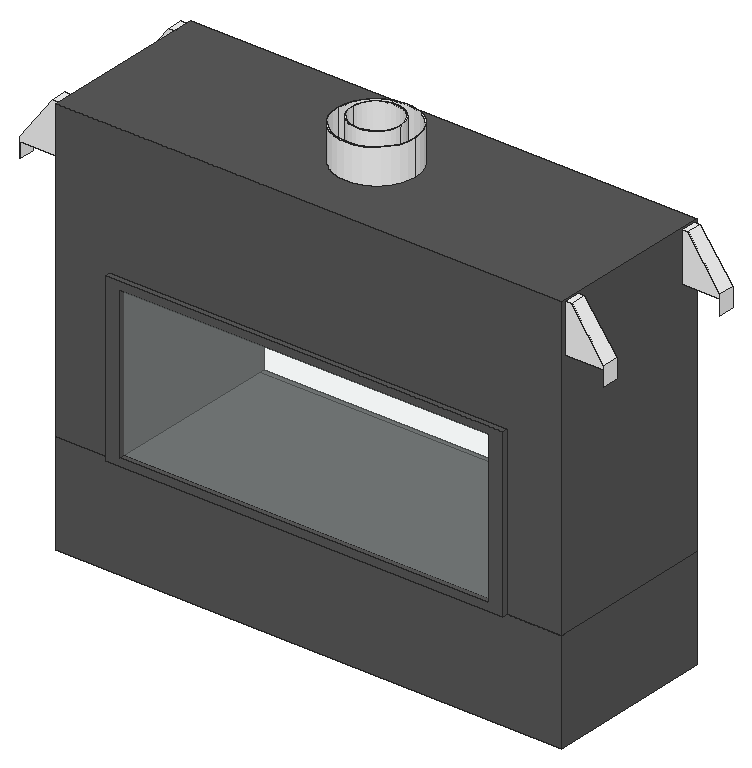
Revit family "D36", category Generic Models, Revit 2019
Family settings
  Can host rebar = No
  Round Connector Dimension = Use Diameter
  Part Type = Normal
  Work Plane-Based = No
  Always vertical = Yes
  Cut with Voids When Loaded = No
  Shared = No
  Room Calculation Point = No
Parameters
  Width = 17 3/8"
  URL = "https://www.montigo.com/"
  Model = ""
  Manufacturer Fax = ""
  Manufacturer Website = "https://www.montigo.com/"
  Manufacturer Phone - Toll Free = "800-378-3115"
  Manufacturer Phone = ""
  Manufacturer Address = "27342 Gloucester Way  Langley, BC, Canada   V4W 4A1"
  Manufacturer = "Montigo"
  Length = 51 7/8"
  Keynote = ""
  Glazing Tint = Glass - Montigo - Tint as Specified
  Frame Material = Metal - Montigo - Black
  Firebox Material = Metal - Montigo - White
  Fire Place Length = 40 3/4"
  Fire Place Height = 41"
  Fire Place - Opening = 17"
  Description = "Montigo Fireplace as Specified"
  Base Height = 10 3/8"
Reference planes (in)
  plane 1 "Center (Front/Back)": y = 0
  plane 2: z = 0
  plane 3 "Center (Left/Right)": x = 0
  plane 4: x = -25.9375
  plane 5: x = 25.9375
  plane 6: y = 8.6875
  plane 7: y = -8.6875
  plane 8: z = 10.375
  plane 9: z = 27.375
  plane 10: z = 41
  plane 11: x = -20.375
  plane 12: x = 20.375
Forms (in)
  Extrusion 1, solid, material "Metal - Montigo - Black" <- "Frame Material"
    sketch origin (0, 0, 0) x (1, 0, 0) y (0, 1, 0)
      loop
        line (-25.9375, 8.6875) -> (-25.9375, -8.6875) -> (25.9375, -8.6875) -> (25.9375, 8.6875) -> (-25.9375, 8.6875)
    from 0 to 10.375
  Extrusion 2, solid, material "Metal - Montigo - Black" <- "Frame Material"
    sketch origin (0, 0, 0) x (1, 0, 0) y (0, 1, 0)
      loop
        line (-25.9375, 8.6875) -> (-25.9375, -8.6875) -> (25.9375, -8.6875) -> (25.9375, 8.6875) -> (-25.9375, 8.6875)
    from 10.375 to 41
  Extrusion 3, solid, material "Metal - Montigo - Black" <- "Frame Material"
    sketch origin (0, 0, 0) x (1, 0, 0) y (0, 0, 1)
      loop
        line (-20.375, 27.375) -> (-20.375, 10.375) -> (20.375, 10.375) -> (20.375, 27.375) -> (-20.375, 27.375)
      loop
        line (18.9375, 26.625) -> (-18.9375, 26.625) -> (-18.9375, 11.125) -> (18.9375, 11.125) -> (18.9375, 26.625)
    from -9.25 to 9.25
  Extrusion 4, void
    sketch origin (0, 0, 0) x (1, 0, 0) y (0, 0, 1)
      loop
        line (-20.375, 27.375) -> (-20.375, 10.375) -> (20.375, 10.375) -> (20.375, 27.375) -> (-20.375, 27.375)
    from -12.26802 to 12
  Extrusion 5, solid, material "Glass - Montigo - Tint as Specified" <- "Glazing Tint"
    sketch origin (0, 0, 0) x (1, 0, 0) y (0, 1, 0)
      loop
        line (-18.9375, 8.6875) -> (-18.9375, -8.6875) -> (18.9375, -8.6875) -> (18.9375, 8.6875) -> (-18.9375, 8.6875)
    from 11.125 to 26.625
  Extrusion 6, solid, material "Metal - Montigo - White" <- "Firebox Material"
    sketch origin (145.25717, 0, -10.13625) x (1, 0, 0) y (0, 0, 1)
      loop
        line (-119.31967, 51.03625) -> (-119.31967, 46.03625) -> (-115.38867, 46.03625) -> (-115.38867, 44.53625) -> (-115.32867, 44.53625) -> (-115.32867, 46.50338) -> (-118.65867, 51.03625) -> (-119.31967, 51.03625)
    from 6.65959 to 8.25
  Extrusion 7, solid, material "Metal - Montigo - White" <- "Firebox Material"
    sketch origin (145.25717, 0, -10.13625) x (1, 0, 0) y (0, 0, -1)
      loop
        line (-119.31967, -51.03625) -> (-118.65867, -51.03625) -> (-115.32867, -46.50338) -> (-115.32867, -44.53625) -> (-115.38867, -44.53625) -> (-115.38867, -46.03625) -> (-119.31967, -46.03625) -> (-119.31967, -51.03625)
    from 6.65959 to 8.25
  Extrusion 8, solid, material "Metal - Montigo - White" <- "Firebox Material"
    sketch origin (-145.25717, 0, -10.13625) x (-1, 0, 0) y (0, 0, -1)
      loop
        line (-119.31967, -51.03625) -> (-118.65867, -51.03625) -> (-115.32867, -46.50338) -> (-115.32867, -44.53625) -> (-115.38867, -44.53625) -> (-115.38867, -46.03625) -> (-119.31967, -46.03625) -> (-119.31967, -51.03625)
    from 6.65959 to 8.25
  Extrusion 9, solid, material "Metal - Montigo - White" <- "Firebox Material"
    sketch origin (-145.25717, 0, -10.13625) x (-1, 0, 0) y (0, 0, 1)
      loop
        line (-119.31967, 51.03625) -> (-119.31967, 46.03625) -> (-115.38867, 46.03625) -> (-115.38867, 44.53625) -> (-115.32867, 44.53625) -> (-115.32867, 46.50338) -> (-118.65867, 51.03625) -> (-119.31967, 51.03625)
    from 6.65959 to 8.25
Cuts and joins
  Extrusion 4 cuts Extrusion 2
Dimensions and locks (in)
  equal spacing: plane 6, plane 1 "Center (Front/Back)", plane 7
  "Width": plane 6 to plane 7
  "Length": plane 4 to plane 5
  equal spacing: plane 4, plane 3 "Center (Left/Right)", plane 5
  "Base Height": plane 8 to plane 2
  "Fire Place - Opening": plane 9 to plane 8
  "Fire Place Height": plane 10 to plane 2
  "Fire Place Length": plane 12 to plane 11
  equal spacing: plane 12, plane 3 "Center (Left/Right)", plane 11
  plane 5 to plane 4 = 51 7/8"
  locked: Extrusion 3 to plane 7 at 0.5625
  locked: Extrusion 3 to plane 6 at 0.5625
  locked: Extrusion 5 to Extrusion 1 at 0.75
  locked: cut or joined group of Extrusion 2, Extrusion 4 to Extrusion 5 at 0.75
  locked: cut or joined group of Extrusion 2, Extrusion 4 to Extrusion 5 at 1.4375  (x2)
  aligned and locked: level to plane 2
  aligned and locked: plane 6 to Extrusion 1
  aligned and locked: plane 7 to Extrusion 1
  aligned and locked: Extrusion 1 to plane 4
  aligned and locked: Extrusion 1 to plane 5
  aligned and locked: plane 8 to Extrusion 1
  aligned and locked: plane 10 to Extrusion 2
  aligned and locked: Extrusion 2 to plane 8
  aligned and locked: Extrusion 3 sketch curve to plane 9
  aligned and locked: plane 11 to Extrusion 3 sketch curve
  aligned and locked: plane 8 to Extrusion 3 sketch curve
  aligned and locked: plane 12 to Extrusion 3 sketch curve
  aligned and locked: Extrusion 4 to plane 11
  aligned and locked: Extrusion 4 to plane 12
  aligned and locked: Extrusion 4 sketch curve to plane 9
  aligned and locked: plane 8 to Extrusion 4 sketch curve
  aligned and locked: plane 12 to Extrusion 4 sketch curve
  aligned and locked: plane 11 to Extrusion 4 sketch curve
  aligned and locked: Extrusion 5 sketch curve to plane 6
  aligned and locked: Extrusion 5 sketch curve to plane 7
  aligned and locked: nested 1 to plane 1 "Center (Front/Back)"
  aligned and locked: nested 1 to plane 3 "Center (Left/Right)"
Automatic sketch dimensions
  Extrusion 1 sketch curve to plane 4 = 0"
  Extrusion 1 sketch curve to plane 5 = 0"
  plane 7 to Extrusion 1 sketch curve = 0"
  Extrusion 1 sketch curve to plane 6 = 0"
  Extrusion 2 sketch curve to plane 4 = 0"
  Extrusion 2 sketch curve to plane 5 = 0"
  plane 7 to Extrusion 2 sketch curve = 0"
  Extrusion 2 sketch curve to plane 6 = 0"
  plane 5 to Extrusion 6 sketch curve = 0"
  Extrusion 6 sketch curve to plane 10 = 0.1"
  Extrusion 6 sketch curve to plane 5 = 0.661"
  Extrusion 6 sketch curve to plane 5 = 3.93101"
  Extrusion 6 sketch curve to Extrusion 6 sketch curve = 0.06"
  Extrusion 6 sketch curve to plane 10 = 4.63287"
  Extrusion 6 sketch curve to Extrusion 6 sketch curve = 0.46713"
  Extrusion 6 sketch curve to Extrusion 6 sketch curve = 1 1/2"
  plane 5 to Extrusion 7 sketch curve = 0"
  Extrusion 7 sketch curve to plane 10 = 0.1"
  Extrusion 7 sketch curve to plane 5 = 0.661"
  Extrusion 7 sketch curve to plane 5 = 3.93101"
  Extrusion 7 sketch curve to Extrusion 7 sketch curve = 0.06"
  Extrusion 7 sketch curve to plane 10 = 4.63287"
  Extrusion 7 sketch curve to Extrusion 7 sketch curve = 0.46713"
  Extrusion 7 sketch curve to Extrusion 7 sketch curve = 1 1/2"
  Extrusion 8 sketch curve to plane 4 = 0"
  plane 10 to Extrusion 8 sketch curve = 0.1"
  plane 4 to Extrusion 8 sketch curve = 0.661"
  plane 4 to Extrusion 8 sketch curve = 3.93101"
  Extrusion 8 sketch curve to Extrusion 8 sketch curve = 0.06"
  plane 10 to Extrusion 8 sketch curve = 4.63287"
  Extrusion 8 sketch curve to Extrusion 8 sketch curve = 0.46713"
  Extrusion 8 sketch curve to Extrusion 8 sketch curve = 1 1/2"
  Extrusion 9 sketch curve to plane 4 = 0"
  Extrusion 9 sketch curve to plane 10 = 0.1"
  Extrusion 9 sketch curve to plane 4 = 0.661"
  Extrusion 9 sketch curve to plane 4 = 3.93101"
  Extrusion 9 sketch curve to Extrusion 9 sketch curve = 0.06"
  Extrusion 9 sketch curve to plane 10 = 4.63287"
  Extrusion 9 sketch curve to Extrusion 9 sketch curve = 0.46713"
  Extrusion 9 sketch curve to Extrusion 9 sketch curve = 1 1/2"
  plane 11 to Extrusion 3 sketch curve = 1 7/16"
  plane 12 to Extrusion 3 sketch curve = 1 7/16"
  plane 8 to Extrusion 3 sketch curve = 3/4"
  Extrusion 3 sketch curve to plane 9 = 3/4"
  plane 11 to Extrusion 5 sketch curve = 1 7/16"
  plane 12 to Extrusion 5 sketch curve = 1 7/16"
Nested families (in)
  nested 1: "Duct Dia" at (0, 0, 41) x (-1, 0, 0) z (0, 0, 1), type "5""
    with Intake Duct Dia 5", Intake Diameter 4 7/8", Height 4 1/8"
  nested 2: "Duct Dia" at (0, 0, 41) x (-1, 0, 0) z (0, 0, 1), type "8""
    with Intake Duct Dia 8", Intake Diameter 7 7/8", Height 3 1/2"
Connectors (in)
  hvac at (0, 0, 45.125)
    settings: on nested 1, index 2, duct flow 0.0 L/s, flow factor 0, pres drop 0.0 Pa, loss coef 0, conn angle 0.00°, conn width 304.8 mm, conn height 304.8 mm, conn diameter 127 mm, duct sys type 3, conn prof type 0, flow config 0, flow direction 0, loss method 0, conn ref index -1, conn util no, is conn primary yes, conn desc ""
  hvac at (0, 0, 44.5)
    settings: on nested 2, index 3, duct flow 0.0 L/s, flow factor 0, pres drop 0.0 Pa, loss coef 0, conn angle 0.00°, conn width 304.8 mm, conn height 304.8 mm, conn diameter 203.2 mm, duct sys type 3, conn prof type 0, flow config 0, flow direction 0, loss method 0, conn ref index -1, conn util no, is conn primary no, conn desc ""
Definition of nested family "Duct Dia"
  Parameters (values of type "15 7/8" Dia.")
    Intake Duct Dia = 15 7/8"
    Intake Diameter = Intake Duct Dia - 1/8"  # 15 3/4"
    Height = 4"
    Firebox Material = none
    Default Elevation = 48"
  Types (12): name | Intake Duct Dia | Intake Diameter | Height
    9 7/8" Dia. | 9 7/8" | 9 3/4" | 4"
    7 7/8" Dia | 7 7/8" | 7 3/4" | 4"
    8 1/8" Dia | 8 1/8" | 8" | 1/4"
    11 3/4" Dia | 11 3/4" | 11 5/8" | 4"
    4" Dia | 10" | 9 7/8" | 4"
    7 3/4" Dia | 7 3/4" | 7 5/8" | 4"
    6 7/8" Dia | 6 7/8" | 6 3/4" | 1/4"
    9 3/4" Dia. | 9 3/4" | 9 5/8" | 4"
    7 1/8" Dia | 7 1/8" | 7" | 1/4"
    11 7/8" Dia. | 11 7/8" | 11 3/4" | 4"
    13 7/8" Dia. | 13 7/8" | 13 3/4" | 4"
    15 7/8" Dia. | 15 7/8" | 15 3/4" | 4"
  Reference planes (in)
    plane 1 "Center (Front/Back)": y = 0
    plane 2: z = 0
    plane 3 "Center (Left/Right)": x = 0
    plane 4: z = 4
  Forms (in)
    Extrusion 1, solid
      sketch origin (0, 0, 0) x (1, 0, 0) y (0, 1, 0)
        loop
          line (-48, 48) -> (-48, -48) -> (48, -48) -> (48, 48) -> (-48, 48)
      from 0 to -12
    Extrusion 2, solid, material <- "Firebox Material"
      sketch origin (0, 0, 0) x (1, 0, 0) y (0, 1, 0)
        loop
          circle (0, 0) r 7.9375
        loop
          circle (0, 0) r 7.875
      from 0 to 4
  Dimensions and locks (in)
    "Height": plane 4 to level
    "Intake Duct Dia": diameter of Extrusion 2 sketch curve
    "Intake Diameter": diameter of Extrusion 2 sketch curve
    aligned and locked: plane 2 to Extrusion 1
    aligned and locked: level to Extrusion 1
    aligned and locked: plane 4 to Extrusion 2
  Automatic sketch dimensions
    Extrusion 1 sketch curve to Extrusion 1 sketch curve = 96"  (x2)
    Extrusion 2 sketch curve to Extrusion 2 sketch curve = 0"  (x2)
    plane 1 "Center (Front/Back)" to Extrusion 2 sketch curve = 0"
    Extrusion 2 sketch curve to plane 3 "Center (Left/Right)" = 0"
